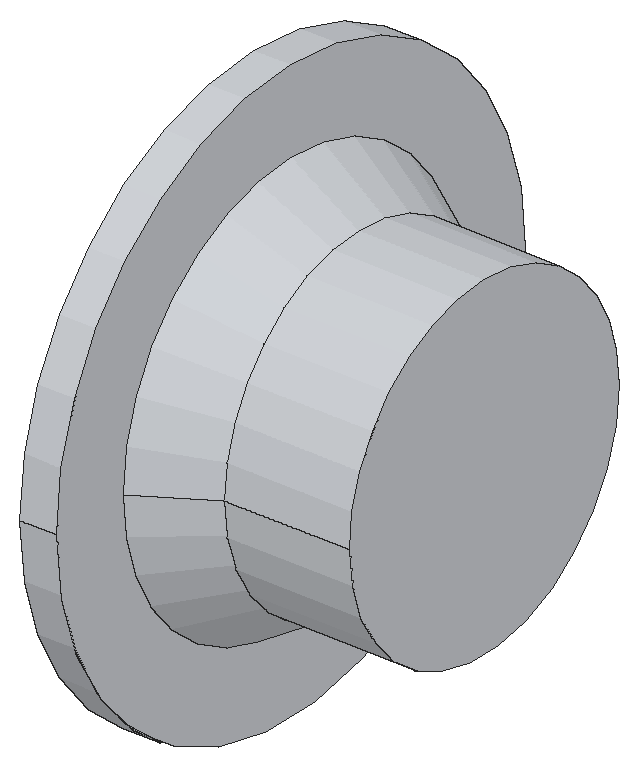
Revit family "M_Flange de esgoto de vaso sanitário - PVC - Sch 40 - DWV", category Conexões de tubo, Revit 2019
Family settings
  Cota do conector redondo = Usar raio
  Tipo de parte = Múltiplas portas
  Número OmniClass = 23.60.30.11.14
  Título OmniClass = Pipework Fittings
  ID de item do Seek = Closet Flange - PVC - Sch 40 - DWV-0000-CAN-ENU
  Com base no plano de trabalho = Não
  Sempre na vertical = Sim
  Corte com vazios quando carregada = Não
  Compartilhado = Não
Parameters (values of type "Padrão")
  Espessura da parede 2 [instance] = size_lookup(Nome da tabela de pesquisa, "WThk", 0.02 * Diâmetro nominal 2 + 3.274 mm, Diâmetro nominal 2)  # 5.563 mm
  Espessura da parede 1 [instance] = size_lookup(Nome da tabela de pesquisa, "WThk", 0.02 * Diâmetro nominal 1 + 3.274 mm, Diâmetro nominal 1)  # 6.35 mm
  Tamanho da marca de cota 2 [instance] = Diâmetro externo do soquete 2 * 0.4  # 40.843 mm
  Tamanho da marca de cota 1 [instance] = Diâmetro externo do soquete 1 * 0.4  # 51.003 mm
  Raio externo do soquete 2 [instance] = Diâmetro externo do soquete 2 / 2  # 51.054 mm
  Raio externo do soquete 1 [instance] = Diâmetro externo do soquete 1 / 2  # 63.754 mm
  Diâmetro externo do soquete 2 [instance] = Diâmetro da entrada do soquete 2 + Espessura da parede 1 * 2  # 102.108 mm
  Diâmetro externo do soquete 1 [instance] = Diâmetro da entrada do soquete 1 + Espessura da parede 1 * 2  # 127.508 mm
  Diâmetro da entrada do soquete 2 [instance] = size_lookup(Nome da tabela de pesquisa, "SED", 1.04 * Diâmetro nominal 2 + 9.426 mm, Diâmetro nominal 2)  # 89.408 mm
  Diâmetro da entrada do soquete 1 [instance] = size_lookup(Nome da tabela de pesquisa, "SED", 1.04 * Diâmetro nominal 1 + 9.426 mm, Diâmetro nominal 1)  # 114.808 mm
  Profundidade do soquete 2 [instance] = size_lookup(Nome da tabela de pesquisa, "SDpt", 0.5 * Diâmetro nominal 2, Diâmetro nominal 2)  # 38.1 mm
  Raio nominal 2 [instance] = 40 mm
  Raio nominal 1 [instance] = 50 mm
  Diâmetro nominal 2 [instance] = Raio nominal 2 * 2  # 80 mm
  Diâmetro nominal 1 [instance] = Raio nominal 1 * 2  # 100 mm
  Método de perda = Não definido
  Nome da tabela de pesquisa = "M_Closet Flange - PVC - Sch 40 - DWV"
  Espessura do flange [instance] = size_lookup(Nome da tabela de pesquisa, "FThk", 0.10938 * Diâmetro nominal 1, Diâmetro nominal 1)  # 11.125 mm
  Raio da flange [instance] = Diâmetro da flange / 2  # 88.9 mm
  Diâmetro da flange [instance] = size_lookup(Nome da tabela de pesquisa, "FDia", 1.75 * Diâmetro nominal 1, Diâmetro nominal 1)  # 177.8 mm
  Comprimento da conexão [instance] = size_lookup(Nome da tabela de pesquisa, "FLgt", 0.3125 * Diâmetro nominal 1, Diâmetro nominal 1)  # 31.75 mm
Reference planes
  plane 1 "Centro (Frente/Trás)": y = 0
  plane 2: z = 0
  plane 3 "Centro (Esquerda/Direita)": x = 0
  plane 4: x = 11.125
  plane 5: x = 31.75
  plane 6: x = 69.85
  plane 7: y = 51.003
  plane 8: y = -51.003
  plane 9: y = 40.843
  plane 10: y = -40.843
Forms (mm)
  Extrusion 1, solid, detail levels fine
    sketch origin (0, 0, 0) x (0, 1, 0) y (0, 0, 1)
      loop
        circle (0, 0) r 88.9
    from 0 to 11.125
  Extrusion 2, solid, detail levels fine
    sketch origin (0, 0, 0) x (0, 1, 0) y (0, 0, 1)
      loop
        circle (0, 0) r 51.054
    from 31.75 to 69.85
  Blend 3, solid, detail levels fine
    base sketch origin (0, 0, 0) x (0, 1, 0) y (0, 0, 1)
      loop
        circle (0, 0) r 63.754
    top sketch origin (0, 0, 0) x (0, 1, 0) y (0, 0, 1)
      loop
        circle (0, 0) r 51.054
    from 11.125 to 31.75
Cuts and joins
  joined: Extrusion 1, Extrusion 2, Blend 3
Lines and regions (mm)
  model lines, detail levels coarse+medium
    curve 1: line (0, 0, 0) -> (69.85, 0, 0)
    curve 2: line (0, 51.003, 0) -> (0, -51.003, 0)
    curve 3: line (69.85, 40.843, 0) -> (69.85, -40.843, 0)
Dimensions and locks
  "Espessura do flange": plane 3 "Centro (Esquerda/Direita)" to plane 4
  "Comprimento da conexão": plane 3 "Centro (Esquerda/Direita)" to plane 5
  "Profundidade do soquete 2": plane 5 to plane 6
  equal spacing: plane 7, plane 1 "Centro (Frente/Trás)", plane 8
  "Tamanho da marca de cota 1": plane 7 to plane 1 "Centro (Frente/Trás)"
  equal spacing: plane 9, plane 1 "Centro (Frente/Trás)", plane 10
  "Tamanho da marca de cota 2": plane 9 to plane 1 "Centro (Frente/Trás)"
  "Raio da flange": radius of Extrusion 1 sketch curve
  "Raio externo do soquete 2": radius of Extrusion 2 sketch curve
  "Raio externo do soquete 1": radius of Blend 3 sketch curve
  "Raio externo do soquete 2": radius of Blend 3 sketch curve
  aligned and locked: plane 2 to Extrusion 1 sketch curve
  aligned and locked: plane 1 "Centro (Frente/Trás)" to Extrusion 1 sketch curve
  aligned and locked: plane 2 to Extrusion 2 sketch curve
  aligned and locked: plane 1 "Centro (Frente/Trás)" to Extrusion 2 sketch curve
  aligned and locked: Extrusion 1 to plane 3 "Centro (Esquerda/Direita)"
  aligned and locked: plane 4 to Extrusion 1
  aligned and locked: Extrusion 2 to plane 5
  aligned and locked: plane 6 to Extrusion 2
  aligned and locked: plane 2 to Blend 3 sketch curve  (x2)
  aligned and locked: plane 1 "Centro (Frente/Trás)" to Blend 3 sketch curve  (x2)
  aligned and locked: Blend 3 to plane 4
  aligned and locked: plane 5 to Blend 3
  aligned and locked: plane 3 "Centro (Esquerda/Direita)" to curve 1
  aligned and locked: plane 6 to curve 1
  aligned and locked: plane 1 "Centro (Frente/Trás)" to curve 1
  aligned and locked: plane 7 to curve 2
  aligned and locked: plane 8 to curve 2
  aligned and locked: curve 2 to plane 3 "Centro (Esquerda/Direita)"
  aligned and locked: plane 9 to curve 3
  aligned and locked: plane 10 to curve 3
  aligned and locked: curve 3 to plane 6
Connectors
  piping at (0, 0, 0), diameter 100, driven by "Raio nominal 1"
    settings: on cut or joined group of Extrusion 1, Extrusion 2, Blend 3, index 1, connector inside diameter 100 mm, connector length 0 mm, flow factor 0, pipe flow 0.0 L/s, pressure drop 0.0 Pa, fitting loss kfactor 0, connector angle 0.00°, fixture units 0, engagement length 0 mm, angle of deflection 0.00°, flow configuration 0, flow direction 0, fitting loss method 0, system type 28, joint type 0, gender type 0, connector reference index 2, connector utility 0, adjustable connector no, is connector primary yes, connector description ""
  piping at (69.85, 0, 0), diameter 80, driven by "Raio nominal 2"
    settings: on cut or joined group of Extrusion 1, Extrusion 2, Blend 3, index 2, connector inside diameter 80 mm, connector length 0 mm, flow factor 0, pipe flow 0.0 L/s, pressure drop 0.0 Pa, fitting loss kfactor 0, connector angle 0.00°, fixture units 0, engagement length 0 mm, angle of deflection 0.00°, flow configuration 0, flow direction 0, fitting loss method 0, system type 28, joint type 0, gender type 0, connector reference index 1, connector utility 0, adjustable connector no, is connector primary no, connector description ""
